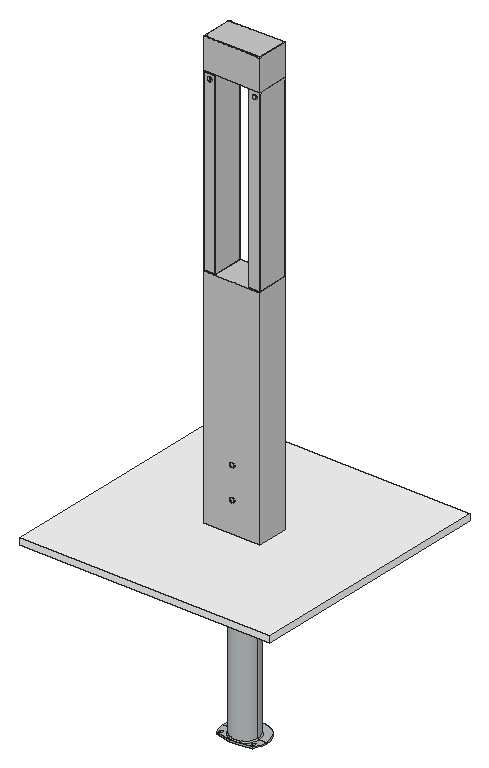
Revit family "BE_77265_de_DE", category Leuchten, Revit 2015
Parameters (values of type "BEGA_77265_Silber_K3")
  built-in parameter 1150104 = 11.281 (stored number, unit not read)
  Wattage = 4.2 W
  Default Elevation = 0 mm
  built-in parameter 1150113 = 1 (stored number, unit not read)
  built-in parameter 1114218 = 1 (stored number, unit not read)
  Umgebungstemperatur = "25 °C"
  URL = "http://www.bega.de/produkt/77265"
  Typenkommentare = "© 2016 BEGA. Wir behalten uns das Recht vor, technische Änderungen ohne vorherige Ankündigung vorzunehmen."  # constant formula
  Type Image = 77265.png
  built-in parameter 1150134 = (empty or 0)
  built-in parameter 1150109 = 1 (stored number, unit not read)
  Strom = ""
  built-in parameter 1150110 = 1 (stored number, unit not read)
  Spannung = 239.996 V
  Sonderanfertigung = no
  Seriennummer [instance] = "Hier können Sie die eindeutige Seriennummer für das Facility Management eintragen."
  Schutzklasse = "I"
  Schutzart = "IP 65"
  Scheinlast = 0 VA
  Produktdatenblatt = "http://www.bega.de/download/Xrfa/db/77265.db.de.pdf"
  Oberflächentemperatur = ""
  Neigungswinkel = 0.00°
  Modell = "77265A"
  Material_18 = BEGA_Gummi_schwarz
  Material_17 = BEGA_Reflektor
  Material_15 = BEGA_Leuchtmedium_matt
  Material_11 = BEGA_Glas_opal
  Material_10 = BEGA_Glas_matt
  Material_09 = BEGA_Glas_klar
  Material_08 = BEGA_Oberfläche_Stahl_verzinkt
  Material_06 = BEGA_Oberfläche_Edelstahl_gebürstet
  Material_03 = BEGA_Oberfläche_Weiss_matt
  Material_02 = BEGA_Oberfläche_Silber_matt
  Material_01 [instance] = BEGA_Oberfläche_Grafit_matt
  M_W = no
  M_G = no
  M_A = yes
  Logo = 0
  built-in parameter 1114217 = 1 (stored number, unit not read)
  built-in parameter 1150139 = (empty or 0)
  built-in parameter 1150105 = 40.585 (stored number, unit not read)
  built-in parameter 1150114 = 1 (stored number, unit not read)
  Lumens = 510.006 lm
  built-in parameter 1150115 = 1 (stored number, unit not read)
  Leuchtenlichtstrom = "156 lm"
  Leuchtenanzahl = ""
  Lebensdauerkriterien = "L70 = 50.000 h"
  Lastklassifizierung = Beleuchtung
  built-in parameter 1150112 = 1 (stored number, unit not read)
  Lampenlichtstrom = "510 lm"
  Lampe = "LED 4.2 W"
  LED_Modulbezeichnung = "2x LED-0234/930"
  built-in parameter 1150142 = (empty or 0)
  Hersteller = "BEGA"  # constant formula
  Halbstreuwinkel = ""
  Gewicht = "2.75 kg"
  Gebrauchslageneinschränkung [instance] = ""
  Frequenz = "0/50-60 Hz"
  Farbwiedergabeindex = "Ra > 80"
  Farbtemperaturverschiebung bei Dämpfen der Lampe = <Keine Auswahl>
  Farbtemperatur = "3000 K"
  Color Filter = 16777215
  built-in parameter 1150133 = 10 (stored number, unit not read)
  Energieeffizienzklasse = "LED A++ - A"
  built-in parameter 1150137 = (empty or 0)
  built-in parameter 1150132 = (empty or 0)
  ENEC = ""
  Dimmbar [instance] = ""
  Datei für fotometrisches Netz = "BE_77265.IES"
  CE_Konformität = "ja"
  Bestellnummer = "77265A"
  Beschreibung_Sonderanfertigung = "Hier können Sie Informationen zur Sonderanfertigung eintragen."
  Beschreibung = "Garten- und Wegeleuchte"
  built-in parameter 1150106 = 0.40585 (stored number, unit not read)
  Befestigungsbohrung = ""
  Befestigungsabstand = ""
  Ballwurfsicher = ""
  BEGA_Intern_aus = yes
  BEGA_Intern_an = yes
  BEGA_Intern_Konstruktion = yes
  BEGA_Intern = yes
  BEGA_IES = yes
  BEGA_Dummy = no
  Anschlussleitung = ""
  Anschlussleistung [instance] = "5.8 W"
  built-in parameter 1150107 = 3000 (stored number, unit not read)
  built-in parameter 1150102 = (empty or 0)
  built-in parameter 1150138 = (empty or 0)
  Aktualisierung = "2016-11-25T04:14:57"
  Abstand_zur_angestrahlten_Fläche [instance] = ""
  AC/DC = "AC/DC"
Types (2, lengths in mm): name | Modell | M_G | M_A | Bestellnummer
  BEGA_77265_Silber_K3 | "77265A" | no | yes | "77265A"
  BEGA_77265_Grafit_K3 | "77265" | yes | no | "77265"
Reference planes
  plane 1 "Mitte (Vorne/Hinten)": y = 0
  plane 2: z = 0
  plane 3 "Mitte (Links/Rechts)": x = 0
  plane 4 "Links": x = -45
  plane 5 "Rechts": x = 45
  plane 6 "Unten": y = -25.442
  plane 7 "Vorne": z = 698.99
  plane 8 "Hinten": z = -300
  plane 9: y = 24.584
Forms (mm)
  Extrusion 1, solid, material "BEGA_Platte_Weiss"
    sketch origin (0, -1119.2, 0) x (1, 0, 0) y (0, 1, 0)
      loop
        line (-200, 1319.2) -> (-200, 919.2) -> (200, 919.2) -> (200, 1319.2) -> (-200, 1319.2)
    from 0 to -10
  Extrusion 2, solid, material "BEGA_Dummy_matt", visible <- "BEGA_Dummy"
    sketch origin (80.095, -76.023, 0) x (1, 0, 0) y (0, 1, 0)
      loop
        line (-125.095, 100.607) -> (-125.095, 50.581) -> (-35.095, 50.581) -> (-35.095, 100.607) -> (-125.095, 100.607)
    from 0 to 698.99
Dimensions and locks
  plane 1 "Mitte (Vorne/Hinten)" to Extrusion 1 = 200 mm
  aligned and locked: plane 2 to Extrusion 1
  aligned and locked: level to Extrusion 1
Nested families
  nested 1: "BE_77265" at (0, 0, 0), type "BE_77265"
Connectors
  electrical at (0, 0, 0), driven by "Lastklassifizierung", driven by "Spannung", driven by "Scheinlast"
    settings: index 1, voltage 239.996 V, apparent load 0 VA, apparent load phase1 0 VA, apparent load phase2 0 VA, apparent load phase3 0 VA, power factor 1, load classification "Beleuchtung", number of poles 1, system type 31, power factor state 1, is connector primary yes, connector utility no, sub classification motor no, connector description ""
Definition of nested family "BE_77265"
  Parameters (values of type "BE_77265")
    Default Elevation = 1 mm
    URL = "http://www.bega.de/de/produkt"
    Type Comments = "© 2015 BEGA. Wir behalten uns das Recht vor, technische Änderungen ohne vorherige Ankündigung vorzunehmen. "  # constant formula
    Type Image = (empty or 0)
    Material_18 = none
    Material_17 = none
    Material_15 = none
    Material_11 = none
    Material_10 = none
    Material_09 = none
    Material_08 = none
    Material_06 = none
    Material_03 = none
    Material_02 = none
    Material_01 = none
    M_W = yes
    M_G = yes
    M_A = yes
    Länge_Platte = 200 mm  # constant formula
    Höhe_Platte = -10 mm  # constant formula
    Manufacturer = "BEGA"  # constant formula
    Breite_Platte = 200 mm  # constant formula
  Reference planes
    plane 1 "Mitte (Oben/Unten)": y = 0
    plane 2: z = 0
    plane 3 "Mitte (Links/Rechts)": x = 0
    plane 4: x = 45
    plane 5: z = -300
    plane 6: x = -45
    plane 7: z = 698.99
    plane 8: y = 35
    plane 9: y = -25.442
  Forms (mm)
    Extrusion 1, solid, detail levels medium
      sketch origin (0, 0, 0) x (1, 0, 0) y (0, 1, 0)
        loop
          line (-100, 100) -> (-100, -100) -> (100, -100) -> (100, 100) -> (-100, 100)
      from 0 to -10 <- "Höhe_Platte"
    Revolve 2, solid, material <- "Material_08", detail levels medium+fine
      sketch origin (0, 0, 0) x (1, 0, 0) y (0, 0, 1)
        loop
          line (-21.066, -298.714) -> (-19.062, -298.714) -> (-19.062, 120) -> (-21.066, 120) -> (-21.066, -298.714)
        axis (0, 120) -> (0, -298.714)
      angle from 0 to 360
    Revolve 3, solid, material <- "Material_08", detail levels medium+fine
      sketch origin (0, 0, -300) x (1, 0, 0) y (0, 0, 1)
        loop
          line (-35, 0) -> (-23.104, 0)
          arc (-23.104, 0) -> (-21.958, 0.278) -> (-21.066, 1.048) r 2.506
          line (-21.066, 1.048) -> (-21.066, 3.828) -> (-22.897, 2) -> (-35, 2) -> (-35, 0)
        axis (0, 3.828) -> (0, 0)
      angle from 0 to 360
    Extrusion 4, void
      sketch origin (0, 0, 0) x (1, 0, 0) y (0, 1, 0)
        loop
          arc (-28.87, -19.787) -> (0, -35) -> (28.87, -19.787) r 35
          line (28.87, -19.787) -> (4.279, -24.123)
          arc (4.279, -24.123) -> (0, -24.5) -> (-4.279, -24.123) r 24.5
          line (-4.279, -24.123) -> (-28.87, -19.787)
      from -305.252 to -292.929
    Extrusion 5, void
      sketch origin (0, 0, 0) x (1, 0, 0) y (0, 1, 0)
        loop
          circle (0, 30) r 2.75
        loop
          circle (-25.981, -15) r 2.75
        loop
          circle (25.981, -15) r 2.75
      from -305.252 to -292.929
    Sweep 6, solid, material <- "Material_01", visible <- "M_G", detail levels medium+fine
      path origin (0, 0, -13.572) x (1, 0, 0) y (0, 1, 0)
        loop
          line (45.233, -25.624) -> (45.233, 24.8) -> (-45.237, 24.8) -> (-45.237, -25.624) -> (45.233, -25.624)
      profile origin (45.233, -0.412, -13.572) x (-1, 0, 0) y (0, 0, 1)
        loop
          line (3.233, 13.572) -> (3.233, 373.572) -> (0.233, 373.572) -> (0.233, 13.572) -> (3.233, 13.572)
    Revolve 7, void
      sketch origin (0, 0, 0) x (0, 1, 0) y (0, 0, 1)
        loop
          line (-25.391, 52.572) -> (-25.391, 48.572) -> (-21.716, 48.572) -> (-21.716, 52.572) -> (-25.391, 52.572)
        axis (-25.391, 48.572) -> (-21.716, 48.572)
      angle from 0 to 360
    Revolve 8, void
      sketch origin (0, 0, 50) x (0, 1, 0) y (0, 0, 1)
        loop
          line (-25.391, 52.572) -> (-25.391, 48.572) -> (-21.71, 48.572) -> (-21.71, 52.572) -> (-25.391, 52.572)
        axis (-25.391, 48.572) -> (-21.71, 48.572)
      angle from 0 to 360
    Revolve 9, solid, material <- "Material_06", detail levels fine
      sketch origin (0, 0.4, 50) x (0, 1, 0) y (0, 0, 1)
        loop
          line (-25.391, 52.502) -> (-25.391, 48.572) -> (-19.111, 48.572) -> (-19.111, 51.572) -> (-21.917, 51.572) -> (-21.917, 52.745) -> (-25.391, 52.502)
        axis (-25.391, 48.572) -> (-19.111, 48.572)
      angle from 0 to 360
    Revolve 10, solid, material <- "Material_06", detail levels fine
      sketch origin (0, 0.4, 0) x (0, 1, 0) y (0, 0, 1)
        loop
          line (-25.391, 52.502) -> (-25.391, 48.572) -> (-19.111, 48.572) -> (-19.111, 51.572) -> (-21.917, 51.572) -> (-21.917, 52.745) -> (-25.391, 52.502)
        axis (-25.391, 48.572) -> (-19.111, 48.572)
      angle from 0 to 360
    Extrusion 11, solid, material <- "Material_01", visible <- "M_G", detail levels medium+fine
      sketch origin (0, 0, 0) x (1, 0, 0) y (0, 1, 0)
        loop
          line (-26.974, -24.916) -> (-26.974, 24.084)
          arc (-26.974, 24.084) -> (-27.12, 24.438) -> (-27.474, 24.584) r 0.5
          line (-27.474, 24.584) -> (-44.474, 24.584)
          arc (-44.474, 24.584) -> (-44.827, 24.438) -> (-44.974, 24.084) r 0.5
          line (-44.974, 24.084) -> (-44.974, -24.916)
          arc (-44.974, -24.916) -> (-44.827, -25.269) -> (-44.474, -25.416) r 0.5
          line (-44.474, -25.416) -> (-27.474, -25.416)
          arc (-27.474, -25.416) -> (-27.12, -25.269) -> (-26.974, -24.916) r 0.5
        loop
          line (-29.498, -21.916) -> (-29.498, 22.084) -> (-42.474, 22.084) -> (-42.474, -21.916) -> (-29.498, -21.916)
        loop
          arc (26.974, -24.916) -> (27.12, -25.269) -> (27.474, -25.416) r 0.5
          line (27.474, -25.416) -> (44.474, -25.416)
          arc (44.474, -25.416) -> (44.827, -25.269) -> (44.974, -24.916) r 0.5
          line (44.974, -24.916) -> (44.974, 24.084)
          arc (44.974, 24.084) -> (44.827, 24.438) -> (44.474, 24.584) r 0.5
          line (44.474, 24.584) -> (27.474, 24.584)
          arc (27.474, 24.584) -> (27.12, 24.438) -> (26.974, 24.084) r 0.5
          line (26.974, 24.084) -> (26.974, -24.916)
        loop
          line (29.498, -21.916) -> (42.474, -21.916) -> (42.474, 22.084) -> (29.498, 22.084) -> (29.498, -21.916)
      from 363.4 to 647.496
    Sweep 12, solid, material <- "Material_01", visible <- "M_G", detail levels medium+fine
      path origin (0, -0.4, 0) x (1, 0, 0) y (0, 1, 0)
        loop
          line (-44.974, 24.984) -> (-44.974, -25.016) -> (44.974, -25.016) -> (44.974, 24.984) -> (-44.974, 24.984)
      profile origin (-44.974, -0.416, 0) x (1, 0, 0) y (0, 0, 1)
        loop
          line (-0.026, 649) -> (16.652, 649) -> (16.652, 653.3) -> (19.305, 653.3) -> (19.305, 654.8) -> (2.165, 655.099) -> (2.374, 679.076) -> (7.245, 679.076) -> (7.54, 696) -> (16.528, 696) -> (16.528, 699) -> (0.474, 699)
          arc (0.474, 699) -> (0.12, 698.854) -> (-0.026, 698.5) r 0.5
          line (-0.026, 698.5) -> (-0.026, 649)
    Extrusion 13, solid, material <- "Material_01", visible <- "M_G", detail levels medium+fine
      sketch origin (0, 0, 0) x (1, 0, 0) y (0, 0, 1)
        loop
          line (-28.446, 696) -> (28.446, 696) -> (28.446, 699) -> (-28.446, 699) -> (-28.446, 696)
      from -8.057 to 8.888
    Extrusion 14, solid, material <- "Material_01", visible <- "M_G", detail levels medium+fine
      sketch origin (0, 0, -13.572) x (1, 0, 0) y (0, 0, 1)
        loop
          line (-45, 375.472) -> (-45, 373.572) -> (45, 373.572) -> (45, 375.472) -> (-45, 375.472)
      from -24.567 to 25.391
    Extrusion 15, solid, material <- "Material_01", visible <- "M_G", detail levels medium+fine
      sketch origin (0, 0, -13.572) x (1, 0, 0) y (0, 0, 1)
        loop
          line (-44.25, 375.472) -> (-27.776, 375.472) -> (-27.776, 376.972) -> (-44.25, 376.972) -> (-44.25, 375.472)
        loop
          line (44.25, 375.472) -> (44.25, 376.972) -> (27.776, 376.972) -> (27.776, 375.472) -> (44.25, 375.472)
      from -23.823 to 24.657
    Extrusion 16, void
      sketch origin (0, 0, -13.472) x (0, 1, 0) y (0, 0, 1)
        loop
          line (-19.543, 666.772) -> (-19.543, 659.674) -> (19.543, 659.674) -> (19.543, 666.772) -> (-19.543, 666.772)
      from -28.322 to 28.322
    Extrusion 17, void
      sketch origin (0, 0, -13.472) x (0, 1, 0) y (0, 0, 1)
        loop
          line (-16.869, 669.807) -> (-16.869, 666.472) -> (17.005, 666.472) -> (17.005, 669.807) -> (-16.869, 669.807)
      from -25.669 to 25.669
    Extrusion 18, solid, material <- "Material_10", detail levels medium+fine
      sketch origin (0, 0, -13.5) x (1, 0, 0) y (0, 0, 1)
        loop
          line (-28, 662.472) -> (28, 662.472) -> (28, 666.472) -> (-28, 666.472) -> (-28, 662.472)
      from -19.25 to 19.25
    Extrusion 19, solid, material <- "Material_01", visible <- "M_G", detail levels medium+fine
      sketch origin (0, 0, -13.472) x (1, 0, 0) y (0, 0, 1)
        loop
          line (-44.276, 662.472) -> (-44.276, 660.968) -> (-27.75, 660.968) -> (-27.75, 662.472) -> (-44.276, 662.472)
        loop
          line (44.276, 662.472) -> (27.75, 662.472) -> (27.75, 660.968) -> (44.276, 660.968) -> (44.276, 662.472)
      from -24.256 to 25.042
    Revolve 20, solid, material <- "Material_06", detail levels fine
      sketch origin (-36, 0.4, -13.472) x (0, 1, 0) y (0, 0, -1)
        loop
          line (-24.596, -652.972) -> (-25.817, -652.972) -> (-25.817, -656.172) -> (-24.596, -656.172) -> (-24.596, -652.972)
        axis (-25.817, -652.972) -> (-24.596, -652.972)
      angle from 0 to 360
    Revolve 21, solid, material <- "Material_06", detail levels fine
      sketch origin (36, 0.4, -13.472) x (0, 1, 0) y (0, 0, 1)
        loop
          line (-24.596, 652.972) -> (-24.596, 656.172) -> (-25.817, 656.172) -> (-25.817, 652.972) -> (-24.596, 652.972)
        axis (-25.817, 652.972) -> (-24.596, 652.972)
      angle from 0 to 360
    Sweep 22, solid, material <- "Material_02", visible <- "M_A", detail levels medium+fine
      path origin (0, 0, -13.572) x (1, 0, 0) y (0, 1, 0)
        loop
          line (45.233, -25.624) -> (45.233, 24.8) -> (-45.237, 24.8) -> (-45.237, -25.624) -> (45.233, -25.624)
      profile origin (45.233, -0.412, -13.572) x (-1, 0, 0) y (0, 0, 1)
        loop
          line (3.233, 13.572) -> (3.233, 373.572) -> (0.233, 373.572) -> (0.233, 13.572) -> (3.233, 13.572)
    Extrusion 23, solid, material <- "Material_02", visible <- "M_A", detail levels medium+fine
      sketch origin (0, 0, -13.572) x (1, 0, 0) y (0, 0, 1)
        loop
          line (-45, 375.472) -> (-45, 373.572) -> (45, 373.572) -> (45, 375.472) -> (-45, 375.472)
      from -24.567 to 25.391
    Extrusion 24, solid, material <- "Material_02", visible <- "M_A", detail levels medium+fine
      sketch origin (0, 0, -13.572) x (1, 0, 0) y (0, 0, 1)
        loop
          line (-44.25, 375.472) -> (-27.776, 375.472) -> (-27.776, 376.972) -> (-44.25, 376.972) -> (-44.25, 375.472)
        loop
          line (44.25, 375.472) -> (44.25, 376.972) -> (27.776, 376.972) -> (27.776, 375.472) -> (44.25, 375.472)
      from -23.823 to 24.657
    Sweep 25, solid, material <- "Material_02", visible <- "M_A", detail levels medium+fine
      path origin (0, -0.4, 0) x (1, 0, 0) y (0, 1, 0)
        loop
          line (-44.974, 24.984) -> (-44.974, -25.016) -> (44.974, -25.016) -> (44.974, 24.984) -> (-44.974, 24.984)
      profile origin (-44.974, -0.416, 0) x (1, 0, 0) y (0, 0, 1)
        loop
          line (-0.026, 649) -> (16.652, 649) -> (16.652, 653.3) -> (19.305, 653.3) -> (19.305, 654.8) -> (2.165, 655.099) -> (2.374, 679.076) -> (7.245, 679.076) -> (7.54, 696) -> (16.528, 696) -> (16.528, 699) -> (0.474, 699)
          arc (0.474, 699) -> (0.12, 698.854) -> (-0.026, 698.5) r 0.5
          line (-0.026, 698.5) -> (-0.026, 649)
    Extrusion 26, solid, material <- "Material_02", visible <- "M_A", detail levels medium+fine
      sketch origin (0, 0, 0) x (1, 0, 0) y (0, 0, 1)
        loop
          line (-28.446, 696) -> (28.446, 696) -> (28.446, 699) -> (-28.446, 699) -> (-28.446, 696)
      from -8.057 to 8.888
    Extrusion 27, solid, material <- "Material_02", visible <- "M_A", detail levels medium+fine
      sketch origin (0, 0, -13.472) x (1, 0, 0) y (0, 0, 1)
        loop
          line (-44.276, 662.472) -> (-44.276, 660.968) -> (-27.75, 660.968) -> (-27.75, 662.472) -> (-44.276, 662.472)
        loop
          line (44.276, 662.472) -> (27.75, 662.472) -> (27.75, 660.968) -> (44.276, 660.968) -> (44.276, 662.472)
      from -24.256 to 25.042
    Extrusion 28, solid, material <- "Material_02", visible <- "M_A", detail levels medium+fine
      sketch origin (0, 0, 0) x (1, 0, 0) y (0, 1, 0)
        loop
          line (-26.974, -24.916) -> (-26.974, 24.084)
          arc (-26.974, 24.084) -> (-27.12, 24.438) -> (-27.474, 24.584) r 0.5
          line (-27.474, 24.584) -> (-44.474, 24.584)
          arc (-44.474, 24.584) -> (-44.827, 24.438) -> (-44.974, 24.084) r 0.5
          line (-44.974, 24.084) -> (-44.974, -24.916)
          arc (-44.974, -24.916) -> (-44.827, -25.269) -> (-44.474, -25.416) r 0.5
          line (-44.474, -25.416) -> (-27.474, -25.416)
          arc (-27.474, -25.416) -> (-27.12, -25.269) -> (-26.974, -24.916) r 0.5
        loop
          line (-29.498, -21.916) -> (-29.498, 22.084) -> (-42.474, 22.084) -> (-42.474, -21.916) -> (-29.498, -21.916)
        loop
          arc (26.974, -24.916) -> (27.12, -25.269) -> (27.474, -25.416) r 0.5
          line (27.474, -25.416) -> (44.474, -25.416)
          arc (44.474, -25.416) -> (44.827, -25.269) -> (44.974, -24.916) r 0.5
          line (44.974, -24.916) -> (44.974, 24.084)
          arc (44.974, 24.084) -> (44.827, 24.438) -> (44.474, 24.584) r 0.5
          line (44.474, 24.584) -> (27.474, 24.584)
          arc (27.474, 24.584) -> (27.12, 24.438) -> (26.974, 24.084) r 0.5
          line (26.974, 24.084) -> (26.974, -24.916)
        loop
          line (29.498, -21.916) -> (42.474, -21.916) -> (42.474, 22.084) -> (29.498, 22.084) -> (29.498, -21.916)
      from 363.4 to 647.496
  Cuts and joins
    Extrusion 4, Extrusion 5 cuts Revolve 2
    Extrusion 4, Extrusion 5 cuts Revolve 3
    joined: Revolve 2, Revolve 3
    Revolve 7, Revolve 8 cuts Sweep 6
    joined: Sweep 6, Extrusion 14, Extrusion 15
    Extrusion 16, Extrusion 17 cuts Sweep 12
    Extrusion 17 cuts Extrusion 13
    joined: Sweep 12, Extrusion 13, Extrusion 19
    Revolve 7, Revolve 8 cuts Sweep 22
    joined: Sweep 22, Extrusion 23, Extrusion 24
    Extrusion 16, Extrusion 17 cuts Sweep 25
    joined: Sweep 25, Extrusion 26, Extrusion 27
  Dimensions and locks
    equal spacing: Extrusion 1 sketch curve, plane 3 "Mitte (Links/Rechts)", Extrusion 1 sketch curve
    equal spacing: Extrusion 1 sketch curve, plane 1 "Mitte (Oben/Unten)", Extrusion 1 sketch curve
    "Länge_Platte": Extrusion 1 sketch curve to Extrusion 1 sketch curve
    "Breite_Platte": Extrusion 1 sketch curve to Extrusion 1 sketch curve
    aligned and locked: Extrusion 1 to plane 2
    aligned and locked: level to Extrusion 1
  Automatic sketch dimensions
    Revolve 2 sketch curve to plane 3 "Mitte (Links/Rechts)" = 0 mm
    Revolve 2 sketch curve to level = 298.714 mm
    Revolve 2 sketch curve to plane 3 "Mitte (Links/Rechts)" = 19.062 mm
    Revolve 2 sketch curve to Revolve 2 sketch curve = 2.004 mm
    Revolve 2 sketch curve to Revolve 2 sketch curve = 418.714 mm
    Revolve 2 sketch curve to Revolve 2 sketch curve = 50 mm
    Revolve 2 sketch curve to Revolve 2 sketch curve = 10 mm
    Revolve 3 sketch curve to level = 300 mm
    Revolve 3 sketch curve to plane 3 "Mitte (Links/Rechts)" = 0 mm
    Revolve 3 sketch curve to level = 296.172 mm
    Revolve 3 sketch curve to plane 3 "Mitte (Links/Rechts)" = 21.066 mm
    Revolve 3 sketch curve to level = 298 mm
    Revolve 3 sketch curve to Revolve 3 sketch curve = 1.831 mm
    Revolve 3 sketch curve to Revolve 3 sketch curve = 0.207 mm
    Revolve 3 sketch curve to Revolve 3 sketch curve = 11.896 mm
    Revolve 3 sketch curve to level = 298.952 mm
    Revolve 3 sketch curve to Revolve 3 sketch curve = 0.506 mm
    Revolve 3 sketch curve to Revolve 3 sketch curve = 0 mm
    Revolve 3 sketch curve to level = 302 mm
    Revolve 3 sketch curve to level = 296.561 mm
    Extrusion 4 sketch curve to Extrusion 4 sketch curve = 0 mm  (x2)
    plane 1 "Mitte (Oben/Unten)" to Extrusion 4 sketch curve = 0 mm
    Extrusion 4 sketch curve to plane 3 "Mitte (Links/Rechts)" = 0 mm
    Extrusion 4 sketch curve to plane 3 "Mitte (Links/Rechts)" = 4.279 mm
    Extrusion 4 sketch curve to Extrusion 4 sketch curve = 24.59 mm  (x2)
    plane 3 "Mitte (Links/Rechts)" to Extrusion 4 sketch curve = 4.279 mm
    plane 1 "Mitte (Oben/Unten)" to Extrusion 4 sketch curve = 19.787 mm
    plane 1 "Mitte (Oben/Unten)" to Extrusion 4 sketch curve = 24.123 mm
    Sweep 6 sketch curve to plane 3 "Mitte (Links/Rechts)" = 45.237 mm
    plane 3 "Mitte (Links/Rechts)" to Sweep 6 sketch curve = 45.233 mm
    plane 1 "Mitte (Oben/Unten)" to Sweep 6 sketch curve = 25.624 mm
    Sweep 6 sketch curve to plane 1 "Mitte (Oben/Unten)" = 24.8 mm
    Sweep 6 sketch curve to profile plane = 0.233 mm
    Sweep 6 sketch curve to Sweep 6 sketch curve = 3 mm
    profile plane to Sweep 6 sketch curve = 13.572 mm
    Sweep 6 sketch curve to Sweep 6 sketch curve = 360 mm
    plane 1 "Mitte (Oben/Unten)" to Revolve 7 sketch curve = 25.391 mm
    Revolve 7 sketch curve to Revolve 7 sketch curve = 3.675 mm
    level to Revolve 7 sketch curve = 48.572 mm
    Revolve 7 sketch curve to Revolve 7 sketch curve = 4 mm
    Revolve 7 sketch curve to Revolve 7 sketch curve = 1.109 mm
    Revolve 7 sketch curve to Revolve 7 sketch curve = 1.422 mm
    Revolve 7 sketch curve to Revolve 7 sketch curve = 0 mm
    plane 1 "Mitte (Oben/Unten)" to Revolve 8 sketch curve = 25.391 mm
    Revolve 8 sketch curve to Revolve 8 sketch curve = 3.681 mm
    level to Revolve 8 sketch curve = 98.572 mm
    Revolve 8 sketch curve to Revolve 8 sketch curve = 4 mm
    Revolve 8 sketch curve to Revolve 8 sketch curve = 1.109 mm
    Revolve 8 sketch curve to Revolve 8 sketch curve = 1.427 mm
    Revolve 8 sketch curve to Revolve 8 sketch curve = 0 mm
    plane 1 "Mitte (Oben/Unten)" to Revolve 9 sketch curve = 24.991 mm
    Revolve 9 sketch curve to Revolve 9 sketch curve = 3.474 mm
    Revolve 9 sketch curve to Revolve 9 sketch curve = 2.806 mm
    level to Revolve 9 sketch curve = 98.572 mm
    Revolve 9 sketch curve to Revolve 9 sketch curve = 3 mm
    Revolve 9 sketch curve to Revolve 9 sketch curve = 0.93 mm
    Revolve 9 sketch curve to Revolve 9 sketch curve = 1.173 mm
    Revolve 9 sketch curve to Revolve 9 sketch curve = 1.604 mm
    Revolve 9 sketch curve to Revolve 9 sketch curve = 0.85 mm
    Revolve 9 sketch curve to Revolve 9 sketch curve = 0 mm
    plane 1 "Mitte (Oben/Unten)" to Revolve 10 sketch curve = 24.991 mm
    Revolve 10 sketch curve to Revolve 10 sketch curve = 3.474 mm
    Revolve 10 sketch curve to Revolve 10 sketch curve = 2.806 mm
    level to Revolve 10 sketch curve = 48.572 mm
    Revolve 10 sketch curve to Revolve 10 sketch curve = 3 mm
    Revolve 10 sketch curve to Revolve 10 sketch curve = 0.93 mm
    Revolve 10 sketch curve to Revolve 10 sketch curve = 1.173 mm
    Revolve 10 sketch curve to Revolve 10 sketch curve = 1.604 mm
    Revolve 10 sketch curve to Revolve 10 sketch curve = 0.85 mm
    Revolve 10 sketch curve to Revolve 10 sketch curve = 0 mm
    Extrusion 11 sketch curve to plane 1 "Mitte (Oben/Unten)" = 24.084 mm  (x2)
    Extrusion 11 sketch curve to plane 3 "Mitte (Links/Rechts)" = 44.974 mm
    Extrusion 11 sketch curve to Extrusion 11 sketch curve = 0.5 mm  (x6)
    Extrusion 11 sketch curve to Extrusion 11 sketch curve = 2 mm  (x5)
    Extrusion 11 sketch curve to Extrusion 11 sketch curve = 12.976 mm  (x2)
    Extrusion 11 sketch curve to Extrusion 11 sketch curve = 2.024 mm  (x3)
    plane 3 "Mitte (Links/Rechts)" to Extrusion 11 sketch curve = 26.974 mm
    plane 1 "Mitte (Oben/Unten)" to Extrusion 11 sketch curve = 21.916 mm  (x2)
    Extrusion 11 sketch curve to Extrusion 11 sketch curve = 3 mm  (x2)
    Extrusion 11 sketch curve to Extrusion 11 sketch curve = 0 mm  (x2)
    Sweep 12 sketch curve to plane 3 "Mitte (Links/Rechts)" = 44.974 mm
    plane 3 "Mitte (Links/Rechts)" to Sweep 12 sketch curve = 44.974 mm
    plane 1 "Mitte (Oben/Unten)" to Sweep 12 sketch curve = 25.416 mm
    Sweep 12 sketch curve to plane 1 "Mitte (Oben/Unten)" = 24.584 mm
    profile plane to Sweep 12 sketch curve = 0.026 mm
    Sweep 12 sketch curve to profile plane = 0.474 mm
    Sweep 12 sketch curve to profile plane = 2.165 mm
    Sweep 12 sketch curve to profile plane = 2.374 mm
    Sweep 12 sketch curve to Sweep 12 sketch curve = 4.87 mm
    Sweep 12 sketch curve to Sweep 12 sketch curve = 7.067 mm
    Sweep 12 sketch curve to Sweep 12 sketch curve = 8.988 mm
    Sweep 12 sketch curve to Sweep 12 sketch curve = 14.487 mm
    Sweep 12 sketch curve to Sweep 12 sketch curve = 2.653 mm
    level to Sweep 12 sketch curve = 649 mm
    Sweep 12 sketch curve to Sweep 12 sketch curve = 4.3 mm
    Sweep 12 sketch curve to Sweep 12 sketch curve = 1.5 mm
    Sweep 12 sketch curve to Sweep 12 sketch curve = 6.099 mm
    Sweep 12 sketch curve to Sweep 12 sketch curve = 23.976 mm
    Sweep 12 sketch curve to Sweep 12 sketch curve = 16.924 mm
    Sweep 12 sketch curve to Sweep 12 sketch curve = 2.5 mm
    Extrusion 13 sketch curve to plane 3 "Mitte (Links/Rechts)" = 28.446 mm
    plane 3 "Mitte (Links/Rechts)" to Extrusion 13 sketch curve = 28.446 mm
    level to Extrusion 13 sketch curve = 696 mm
    Extrusion 13 sketch curve to Extrusion 13 sketch curve = 3 mm
    Extrusion 14 sketch curve to plane 3 "Mitte (Links/Rechts)" = 45 mm
    plane 3 "Mitte (Links/Rechts)" to Extrusion 14 sketch curve = 45 mm
    level to Extrusion 14 sketch curve = 360 mm
    Extrusion 14 sketch curve to Extrusion 14 sketch curve = 1.9 mm
    Extrusion 15 sketch curve to plane 3 "Mitte (Links/Rechts)" = 44.25 mm
    Extrusion 15 sketch curve to Extrusion 15 sketch curve = 16.474 mm  (x2)
    plane 3 "Mitte (Links/Rechts)" to Extrusion 15 sketch curve = 27.776 mm
    level to Extrusion 15 sketch curve = 361.9 mm
    Extrusion 15 sketch curve to Extrusion 15 sketch curve = 0 mm
    Extrusion 15 sketch curve to Extrusion 15 sketch curve = 1.5 mm  (x2)
    plane 1 "Mitte (Oben/Unten)" to Extrusion 16 sketch curve = 19.543 mm
    Extrusion 16 sketch curve to plane 1 "Mitte (Oben/Unten)" = 19.543 mm
    level to Extrusion 16 sketch curve = 646.202 mm
    Extrusion 16 sketch curve to Extrusion 16 sketch curve = 7.098 mm
    plane 1 "Mitte (Oben/Unten)" to Extrusion 17 sketch curve = 16.869 mm
    Extrusion 17 sketch curve to plane 1 "Mitte (Oben/Unten)" = 17.005 mm
    level to Extrusion 17 sketch curve = 653 mm
    Extrusion 17 sketch curve to Extrusion 17 sketch curve = 3.335 mm
    Extrusion 18 sketch curve to plane 3 "Mitte (Links/Rechts)" = 28 mm
    plane 3 "Mitte (Links/Rechts)" to Extrusion 18 sketch curve = 28 mm
    level to Extrusion 18 sketch curve = 648.972 mm
    Extrusion 18 sketch curve to Extrusion 18 sketch curve = 4 mm
    Extrusion 19 sketch curve to plane 3 "Mitte (Links/Rechts)" = 44.276 mm
    Extrusion 19 sketch curve to Extrusion 19 sketch curve = 16.526 mm  (x2)
    plane 3 "Mitte (Links/Rechts)" to Extrusion 19 sketch curve = 27.75 mm
    level to Extrusion 19 sketch curve = 647.496 mm
    Extrusion 19 sketch curve to Extrusion 19 sketch curve = 0 mm
    Extrusion 19 sketch curve to Extrusion 19 sketch curve = 1.504 mm  (x2)
    plane 1 "Mitte (Oben/Unten)" to Revolve 20 sketch curve = 25.417 mm
    Revolve 20 sketch curve to Revolve 20 sketch curve = 1.221 mm
    level to Revolve 20 sketch curve = 642.7 mm
    Revolve 20 sketch curve to Revolve 20 sketch curve = 3.2 mm
    Revolve 20 sketch curve to Revolve 20 sketch curve = 0 mm  (x3)
    plane 1 "Mitte (Oben/Unten)" to Revolve 21 sketch curve = 25.417 mm
    Revolve 21 sketch curve to Revolve 21 sketch curve = 1.221 mm
    level to Revolve 21 sketch curve = 639.5 mm
    Revolve 21 sketch curve to Revolve 21 sketch curve = 3.2 mm
    Revolve 21 sketch curve to Revolve 21 sketch curve = 0 mm  (x3)
    Sweep 22 sketch curve to plane 3 "Mitte (Links/Rechts)" = 45.237 mm
    plane 3 "Mitte (Links/Rechts)" to Sweep 22 sketch curve = 45.233 mm
    plane 1 "Mitte (Oben/Unten)" to Sweep 22 sketch curve = 25.624 mm
    Sweep 22 sketch curve to plane 1 "Mitte (Oben/Unten)" = 24.8 mm
    Sweep 22 sketch curve to profile plane = 0.233 mm
    Sweep 22 sketch curve to Sweep 22 sketch curve = 3 mm
    profile plane to Sweep 22 sketch curve = 13.572 mm
    Sweep 22 sketch curve to Sweep 22 sketch curve = 360 mm
    Extrusion 23 sketch curve to plane 3 "Mitte (Links/Rechts)" = 45 mm
    plane 3 "Mitte (Links/Rechts)" to Extrusion 23 sketch curve = 45 mm
    level to Extrusion 23 sketch curve = 360 mm
    Extrusion 23 sketch curve to Extrusion 23 sketch curve = 1.9 mm
    Extrusion 24 sketch curve to plane 3 "Mitte (Links/Rechts)" = 44.25 mm
    Extrusion 24 sketch curve to Extrusion 24 sketch curve = 16.474 mm  (x2)
    plane 3 "Mitte (Links/Rechts)" to Extrusion 24 sketch curve = 27.776 mm
    level to Extrusion 24 sketch curve = 361.9 mm
    Extrusion 24 sketch curve to Extrusion 24 sketch curve = 0 mm
    Extrusion 24 sketch curve to Extrusion 24 sketch curve = 1.5 mm  (x2)
    Sweep 25 sketch curve to plane 3 "Mitte (Links/Rechts)" = 44.974 mm
    plane 3 "Mitte (Links/Rechts)" to Sweep 25 sketch curve = 44.974 mm
    plane 1 "Mitte (Oben/Unten)" to Sweep 25 sketch curve = 25.416 mm
    Sweep 25 sketch curve to plane 1 "Mitte (Oben/Unten)" = 24.584 mm
    profile plane to Sweep 25 sketch curve = 0.026 mm
    Sweep 25 sketch curve to profile plane = 0.474 mm
    Sweep 25 sketch curve to profile plane = 2.165 mm
    Sweep 25 sketch curve to profile plane = 2.374 mm
    Sweep 25 sketch curve to Sweep 25 sketch curve = 4.87 mm
    Sweep 25 sketch curve to Sweep 25 sketch curve = 7.067 mm
    Sweep 25 sketch curve to Sweep 25 sketch curve = 8.988 mm
    Sweep 25 sketch curve to Sweep 25 sketch curve = 14.487 mm
    Sweep 25 sketch curve to Sweep 25 sketch curve = 2.653 mm
    level to Sweep 25 sketch curve = 649 mm
    Sweep 25 sketch curve to Sweep 25 sketch curve = 4.3 mm
    Sweep 25 sketch curve to Sweep 25 sketch curve = 1.5 mm
    Sweep 25 sketch curve to Sweep 25 sketch curve = 6.099 mm
    Sweep 25 sketch curve to Sweep 25 sketch curve = 23.976 mm
    Sweep 25 sketch curve to Sweep 25 sketch curve = 16.924 mm
    Sweep 25 sketch curve to Sweep 25 sketch curve = 2.5 mm
    Extrusion 26 sketch curve to plane 3 "Mitte (Links/Rechts)" = 28.446 mm
    plane 3 "Mitte (Links/Rechts)" to Extrusion 26 sketch curve = 28.446 mm
    level to Extrusion 26 sketch curve = 696 mm
    Extrusion 26 sketch curve to Extrusion 26 sketch curve = 3 mm
    Extrusion 27 sketch curve to plane 3 "Mitte (Links/Rechts)" = 44.276 mm
    Extrusion 27 sketch curve to Extrusion 27 sketch curve = 16.526 mm  (x2)
    plane 3 "Mitte (Links/Rechts)" to Extrusion 27 sketch curve = 27.75 mm
    level to Extrusion 27 sketch curve = 647.496 mm
    Extrusion 27 sketch curve to Extrusion 27 sketch curve = 0 mm
    Extrusion 27 sketch curve to Extrusion 27 sketch curve = 1.504 mm  (x2)
    Extrusion 28 sketch curve to plane 1 "Mitte (Oben/Unten)" = 24.084 mm  (x2)
    Extrusion 28 sketch curve to plane 3 "Mitte (Links/Rechts)" = 44.974 mm
    Extrusion 28 sketch curve to Extrusion 28 sketch curve = 0.5 mm  (x6)
    Extrusion 28 sketch curve to Extrusion 28 sketch curve = 2 mm  (x5)
    Extrusion 28 sketch curve to Extrusion 28 sketch curve = 12.976 mm  (x2)
    Extrusion 28 sketch curve to Extrusion 28 sketch curve = 2.024 mm  (x3)
    plane 3 "Mitte (Links/Rechts)" to Extrusion 28 sketch curve = 26.974 mm
    plane 1 "Mitte (Oben/Unten)" to Extrusion 28 sketch curve = 21.916 mm  (x2)
    Extrusion 28 sketch curve to Extrusion 28 sketch curve = 3 mm  (x2)
    Extrusion 28 sketch curve to Extrusion 28 sketch curve = 0 mm  (x2)
